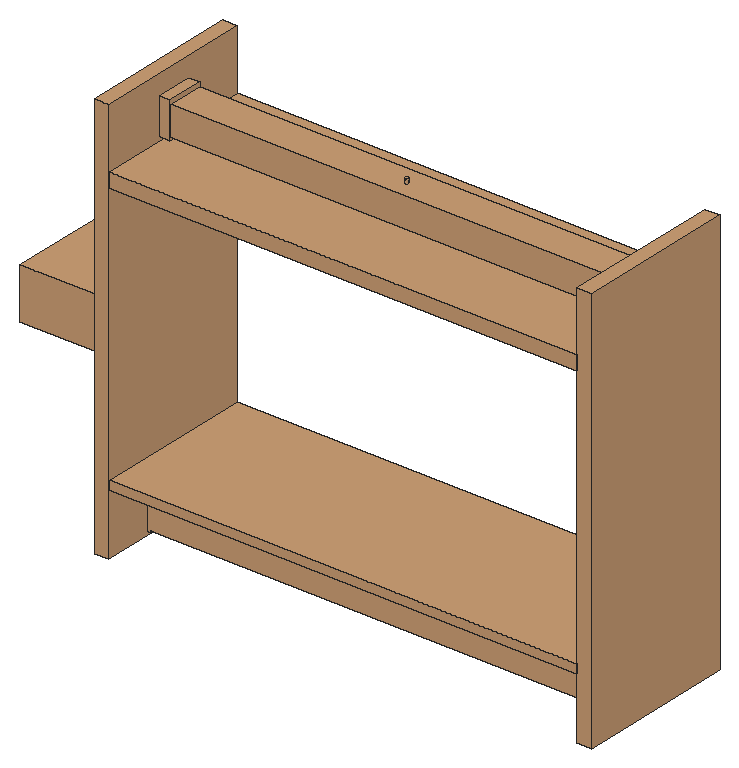
Revit family
Parameters
  Center of Unit = 0' - 0"  # constant formula
  Total Heating Capacity [instance] = 0.0 Btu/h
  Series = "VIFB"
  Outlet Area = 16.10 SF
  Lower Frame Thickness = if(Headers Height = 0' 3", 0' 1 1/4", if(Headers Height = 0' 3 1/4", 0' 1 1/4", 0' 0"))  # 0' - 1 1/4"
  Water Pressure Drop [instance] = 0.00 psi
  Water Flow [instance] = 0 GPM
  Unit Weight (lbs) = 703
  URL = "http://www.ljwing.com/"
  Water Outlet Radius = 0' - 1 1/2"
  Headers Height = if(M = 0' 1", 0' 3", if(M = 0' 1 1/2", 0' 3 1/4", 0' 0"))  # 0' - 3"
  Number of Rows = 2  # constant formula
  Number of Coils [instance] = 0
  Nominal Length = 5' - 8 5/16"
  N = 1' - 0 3/4"
  Model = "VB-6W"
  Manufacturer = "LJ Wing"
  M = 0' - 1"
  Leaving Water Temperature [instance] = 0 °F
  Leaving Air Temperature [instance] = 0 °F
  Entering Water Temperature [instance] = 0 °F
  Entering Air Temperature [instance] = 0 °F
  Description = "Vertical Integral Face & Bypass Water Heating Coils"
  Hot Water Inlet  Radius = 0' - 1 1/2"
  Coil Face Area = Outlet Area * 0.56  # 9.016 SF
  Casing Material = ""
  Assembly Code = "D3020300"
  Air Vent Radius = 0' - 0 1/4"
  Air Pressure Drop [instance] = 0.00 in-wg
  Air Inlet Width = Nominal Length - 0' 4"  # 5' - 4 5/16"
  Air Inlet Height = Y  # 3' - 0"
  Air Flow [instance] = 0 CFM
  Y = 3' - 0"
  S = 0' - 9 3/4"  # constant formula
  Product URL = "http://www.ljwing.com/html/vifb.asp"
  OmniClass = "23-75 70 21 14 "
  Nominal Height = 4' - 8"
  Nominal Depth = 1' - 10"
  R = 0' - 10 1/4"  # constant formula
  Q = 0' - 4 5/32"
Reference planes (in)
  plane 1 "Center (Front/Back)": y = 0
  plane 2: z = -18
  plane 3 "Center (Left/Right)": x = 0
  plane 4: z = 28.25
  plane 5: x = -34.15625
  plane 6: x = 34.15625
  plane 7: z = -27.75
  plane 8: z = 0
  plane 9: y = -11
  plane 10: y = 11
  plane 11: z = 18
  plane 12: z = 20
  plane 13: z = -19.25
  plane 14: x = 32.15625
  plane 15: x = -32.15625
  plane 16: x = -30
  plane 17: x = 30
  plane 18: y = 14.0625
  plane 19: x = -45.15625
  plane 20: z = 25.125
  plane 21: z = 21.125
  plane 22: y = -2.5
  plane 23: y = 2.5
  plane 24: y = -4.5
  plane 25: z = -25.375
  plane 26: x = -21.40625
  plane 27: x = 21.40625
  plane 28: z = -21.375
Forms (in)
  Extrusion 1, solid, material "Painted Finish"
    sketch origin (0, 6, -9.75) x (1, 0, 0) y (0, 0, 1)
      loop
        line (-34.15625, -18) -> (-32.15625, -18) -> (-32.15625, 38) -> (-34.15625, 38) -> (-34.15625, -18)
      loop
        line (34.15625, -18) -> (34.15625, 38) -> (32.15625, 38) -> (32.15625, -18) -> (34.15625, -18)
    from -5 to 17
  Extrusion 2, solid, material "Painted Finish"
    sketch origin (0, 6, 0) x (1, 0, 0) y (0, 0, 1)
      loop
        line (32.15625, -18) -> (-32.15625, -18) -> (-32.15625, -19.25) -> (32.15625, -19.25) -> (32.15625, -18)
      loop
        line (32.15625, 18) -> (32.15625, 20) -> (-32.15625, 20) -> (-32.15625, 18) -> (32.15625, 18)
    from -5 to 17
  Extrusion 3, solid, material "Painted Finish"
    sketch origin (0, 10, -0.5) x (1, 0, 0) y (0, 0, 1)
      loop
        line (-34.15625, 4) -> (-45.15625, 4) -> (-45.15625, -3) -> (-34.15625, -3) -> (-34.15625, 4)
    from 0 to 20
  Extrusion 4, solid, material "Painted Finish"
    sketch origin (0, 6, 0) x (1, 0, 0) y (0, 0, 1)
      loop
        line (-30.53125, 25.125) -> (-30.53125, 21.125) -> (30.53125, 21.125) -> (30.53125, 25.125) -> (-30.53125, 25.125)
    from 3.5 to 8.5
  Extrusion 5, solid, material "Painted Finish"
    sketch origin (0, 0, 0) x (1, 0, 0) y (0, 0, 1)
      loop
        line (-30.53125, 20.625) -> (-30.53125, 25.625) -> (-32.15625, 25.625) -> (-32.15625, 20.625) -> (-30.53125, 20.625)
      loop
        line (32.15625, 20.625) -> (32.15625, 25.625) -> (30.53125, 25.625) -> (30.53125, 20.625) -> (32.15625, 20.625)
    from -2.5 to 2.5
  Extrusion 6, solid, material "Painted Finish"
    sketch origin (0, 6, 0) x (1, 0, 0) y (0, 0, 1)
      loop
        line (-31.65625, -19.875) -> (-31.65625, -19.625) -> (-32.15625, -19.625) -> (-32.15625, -23.125) -> (-31.65625, -23.125) -> (-31.65625, -22.875) -> (31.65625, -22.875) -> (31.65625, -23.125) -> (32.15625, -23.125) -> (32.15625, -19.625) -> (31.65625, -19.625) -> (31.65625, -19.875) -> (-31.65625, -19.875)
      loop
        line (31.65625, -26.875) -> (31.65625, -27.125) -> (32.15625, -27.125) -> (32.15625, -23.625) -> (31.65625, -23.625) -> (31.65625, -23.875) -> (-31.65625, -23.875) -> (-31.65625, -23.625) -> (-32.15625, -23.625) -> (-32.15625, -27.125) -> (-31.65625, -27.125) -> (-31.65625, -26.875) -> (31.65625, -26.875)
    from -5 to 10.5
  Extrusion 7, void
    sketch origin (0, 0, 0) x (1, 0, 0) y (0, 0, 1)
      loop
        line (-32.15625, 18) -> (-32.15625, -18) -> (32.15625, -18) -> (32.15625, 18) -> (-32.15625, 18)
    from -11 to 11
  Extrusion 8, solid, material "Painted Finish"
    sketch origin (0, 0, 0) x (1, 0, 0) y (0, 0, 1)
      loop
        circle (21.40625, -25.375) r 1
      loop
        circle (-21.40625, -21.375) r 1
    from -14.0625 to -11
  Extrusion 9, solid, material "Painted Finish"
    sketch origin (0, 0, 0) x (1, 0, 0) y (0, 1, 0)
      loop
        circle (0, 0) r 0.25
    from 25.125 to 25.625
Cuts and joins
  Extrusion 7 cuts Extrusion 1
  Extrusion 7 cuts Extrusion 2
Dimensions and locks (in)
  "Nominal Length": plane 6 to plane 5
  equal spacing: plane 6, plane 3 "Center (Left/Right)", plane 5
  "S": plane 2 to plane 7
  "Nominal Depth": plane 10 to plane 9
  equal spacing: plane 10, plane 1 "Center (Front/Back)", plane 9
  "Y": plane 11 to plane 2
  "R": plane 4 to plane 11
  locked: plane 12 to plane 11 at 2
  "Lower Frame Thickness": plane 2 to plane 13
  "Q": plane 16 to plane 5
  "Q": plane 6 to plane 17
  locked: plane 18 to plane 10 at 3.0625
  locked: plane 5 to plane 19 at 11
  locked: Extrusion 3 sketch curve to Extrusion 3 sketch curve at 7
  locked: Extrusion 3 to Extrusion 3 at 20
  locked: plane 6 to plane 14 at 2
  locked: plane 15 to plane 5 at 2
  locked: Extrusion 5 sketch curve to plane 20 at 0.5
  locked: plane 21 to Extrusion 5 sketch curve at 0.5
  locked: plane 20 to plane 21 at 4
  locked: plane 23 to plane 22 at 5
  equal spacing: plane 23, plane 1 "Center (Front/Back)", plane 22
  locked: plane 22 to plane 24 at 2
  plane 4 to plane 7 = 4' - 8"
  locked: Extrusion 5 sketch curve to Extrusion 1 at 1.625
  locked: Extrusion 5 sketch curve to Extrusion 5 sketch curve at 1.625
  locked: Extrusion 7 sketch curve to plane 11 at 0
  locked: Extrusion 7 sketch curve to plane 15 at 0
  locked: Extrusion 7 sketch curve to plane 14 at 0
  locked: plane 15 to Extrusion 6 sketch curve at 0.5
  locked: Extrusion 6 sketch curve to Extrusion 6 sketch curve at 0.25  (x2)
  locked: plane 25 to plane 7 at 2.375
  "N": plane 26 to plane 5
  "N": plane 6 to plane 27
  locked: plane 28 to plane 7 at 6.375
  "Headers Height": Extrusion 6 sketch curve to Extrusion 6 sketch curve  (x2)
  locked: Extrusion 8 sketch curve to plane 25 at 0
  locked: Extrusion 8 sketch curve to plane 28 at 0
  locked: Extrusion 9 sketch curve to plane 1 "Center (Front/Back)" at 0
  locked: Extrusion 9 sketch curve to plane 3 "Center (Left/Right)" at 0
  equal spacing: Extrusion 6 sketch curve, plane 28, Extrusion 6 sketch curve
  equal spacing: Extrusion 6 sketch curve, plane 25, Extrusion 6 sketch curve
  locked: plane 4 to plane 20 at 3.125
  locked: Extrusion 7 sketch curve to plane 2 at 0
  equal spacing: plane 11, plane 8, plane 2
  locked: Extrusion 8 sketch curve to plane 27 at 0
  locked: Extrusion 8 sketch curve to plane 26 at 0
  "M": radius of Extrusion 8 sketch curve  (x2)
  "Air Vent Radius": radius of Extrusion 9 sketch curve
  aligned and locked: Extrusion 1 to plane 9
  aligned and locked: Extrusion 1 to plane 10
  aligned and locked: plane 15 to Extrusion 1
  aligned and locked: Extrusion 1 to plane 14
  aligned and locked: plane 9 to Extrusion 2
  aligned and locked: plane 9 to Extrusion 1
  aligned and locked: plane 10 to Extrusion 1  (x2)
  aligned and locked: Extrusion 2 to plane 10
  aligned and locked: plane 10 to Extrusion 2  (x2)
  aligned and locked: Extrusion 2 to plane 9  (x2)
  aligned and locked: plane 5 to Extrusion 3
  aligned and locked: Extrusion 5 sketch curve to plane 15
  aligned and locked: Extrusion 5 sketch curve to Extrusion 4
  aligned and locked: Extrusion 1 to Extrusion 6
  aligned and locked: plane 22 to Extrusion 5
  aligned and locked: Extrusion 5 to Extrusion 4  (x2)
  aligned and locked: Extrusion 5 to plane 23
  aligned and locked: Extrusion 6 to plane 24
  aligned and locked: Extrusion 4 to Extrusion 5  (x2)
  aligned and locked: Extrusion 5 to Extrusion 1  (x2)
  aligned and locked: Extrusion 1 to Extrusion 7  (x2)
  aligned and locked: Extrusion 8 to plane 18
  aligned and locked: Extrusion 8 to plane 10
  aligned and locked: plane 20 to Extrusion 9
  aligned and locked: Extrusion 9 to Extrusion 5
  aligned and locked: plane 2 to cut or joined group of Extrusion 2, Extrusion 7
  aligned and locked: plane 6 to Extrusion 1 sketch curve
  aligned and locked: plane 14 to Extrusion 1 sketch curve
  aligned and locked: Extrusion 1 sketch curve to plane 15
  aligned and locked: Extrusion 1 sketch curve to plane 5
  aligned and locked: Extrusion 1 sketch curve to plane 4  (x2)
  aligned and locked: plane 7 to Extrusion 1 sketch curve  (x2)
  aligned and locked: Extrusion 2 sketch curve to plane 11
  aligned and locked: Extrusion 2 sketch curve to plane 12
  aligned and locked: plane 2 to Extrusion 2 sketch curve
  aligned and locked: Extrusion 2 sketch curve to plane 13
  aligned and locked: Extrusion 2 sketch curve to plane 14  (x2)
  aligned and locked: Extrusion 2 sketch curve to plane 15  (x2)
  aligned and locked: plane 20 to Extrusion 4 sketch curve
  aligned and locked: Extrusion 4 sketch curve to plane 21
  aligned and locked: Extrusion 6 sketch curve to plane 14  (x2)
  aligned and locked: plane 15 to Extrusion 6 sketch curve  (x2)
Automatic sketch dimensions
  Extrusion 3 sketch curve to plane 19 = 0' - 0"
  Extrusion 3 sketch curve to plane 5 = 0' - 0"
  plane 8 to Extrusion 3 sketch curve = 0' - 3 1/2"
  Extrusion 4 sketch curve to plane 16 = 0' - 0 17/32"
  plane 17 to Extrusion 4 sketch curve = 0' - 0 17/32"
  plane 21 to Extrusion 5 sketch curve = 0' - 0 1/2"
  Extrusion 5 sketch curve to plane 20 = 0' - 0 1/2"
  plane 15 to Extrusion 6 sketch curve = 0' - 0 1/2"  (x2)
  Extrusion 6 sketch curve to Extrusion 6 sketch curve = 0' - 0 1/4"  (x5)
  Extrusion 6 sketch curve to Extrusion 6 sketch curve = 0' - 0"  (x2)
  Extrusion 6 sketch curve to plane 14 = 0' - 0 1/2"  (x2)
  Extrusion 6 sketch curve to Extrusion 6 sketch curve = 0' - 0 1/2"
  Extrusion 6 sketch curve to plane 7 = 0' - 0 5/8"
Connectors (in)
  hvac at (0, -11, 0), driven by "Air Inlet Height", driven by "Air Inlet Width", driven by "Air Flow", driven by "Air Pressure Drop"
    settings: on Extrusion 7, index 1
  hvac at (0, 11, 0), driven by "Air Pressure Drop", driven by "Air Inlet Height", driven by "Air Inlet Width", driven by "Air Flow"
    settings: on Extrusion 7, index 2
  piping at (-21.40625, 14.0625, -21.375), driven by "M", driven by "Water Flow", driven by "Water Pressure Drop"
    settings: on Extrusion 8, index 4
  piping at (21.40625, 14.0625, -25.375), driven by "Water Pressure Drop", driven by "Water Flow", driven by "M"
    settings: on Extrusion 8, index 5
